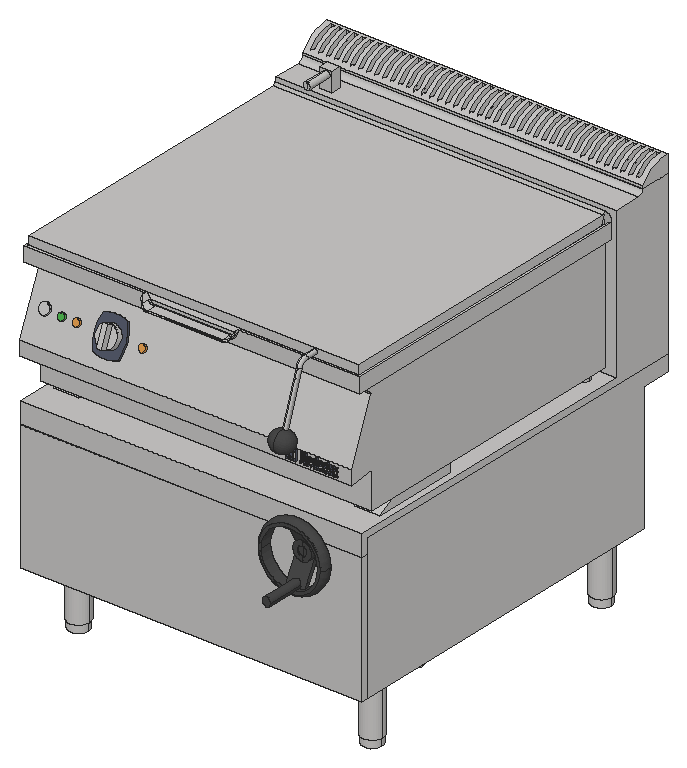
Revit family "QF_ELECTROLUXPROFESSIONAL_391281_E9BRGHDO40", category Specialty Equipment, Revit 2018
Family settings
  Round Connector Dimension = Use Diameter
  Part Type = Normal
  Work Plane-Based = No
  Always vertical = Yes
  Cut with Voids When Loaded = No
  Shared = No
  Room Calculation Point = No
Parameters (values of type "Standard")
  Weight = 150.00 kg
  Watts = 0 W
  Volts = 220 V
  URL Manufacturer = "https://www.electroluxprofessional.com/"
  URL = "https://www.electroluxprofessional.com/"
  Steam Supply Size = 0"
  Steam Supply Minimum Pressure = 0.00 psi
  Steam Supply Maximum Pressure = 0.00 psi
  Steam Pounds per Hour = 0
  Show Logo [instance] = yes
  Show Clearance [instance] = yes
  Refrigeration Suction Line Size = 0 mm
  Refrigeration Liquid Line Size = 0 mm
  Refrigerant Compressor Remote = yes
  Phase = 1
  Model = "E9BRGHDO40"
  Manufacturer = "Electrolux Professional"
  Length Actual = 800 mm  # constant formula
  Item Number = "391281"
  Hot Water Size = 0"
  Height Actual = 850 mm  # constant formula
  HP = "0.1 HP"
  Gas Size = 1/2"
  Gas KW = 21
  Gas Input Pressure = 0.672036 Btu/h
  Direct Waste Size = 0"
  Description = "80LT GAS BRATT PAN DUOMAT BOTTOM-60HZ"
  Depth Actual = 930 mm  # constant formula
  Cycle = 60 Hz
  Condensate Return Size = 0"
  Compressed Air Volume = 0 GPM
  Compressed Air Size = 0"
  Compressed Air Pressure = 0.00 psi
  Cold Water Size = 3/4"
  Assembly Code = ""
  Accessory = yes
Reference planes
  plane 1 "BACK": y = 0
  plane 2: z = 0
  plane 3 "LEFT": x = 0
  plane 4 "RIGHT": x = 800
  plane 5 "FRONT": y = -915
  plane 6 "TOP": z = 908
  plane 7 "Center Y": x = 400
  plane 8 "Center X": y = -457.5
  plane 9 "Base": z = 149
  plane 10: z = 502.193
  plane 11: z = 1653
  plane 12: y = -125
  plane 13: y = -799
  plane 14: y = -1034
  plane 15: x = 55
  plane 16: y = -160.853
  plane 17: x = 745
  plane 18: y = -1014
  plane 19: y = -899.182
  plane 20: x = 786
  plane 21: z = 850
  plane 22 "Connection": z = 182
  plane 23: y = -706
  plane 24: x = 265
  plane 25: x = 105
  plane 26: x = 195
  plane 27 "Fume": z = 866.248
Forms (mm)
  Revolve 1, solid, material "QF_Finishes_Stainless Steel"
    sketch origin (0, -125, 0) x (1, 0, 0) y (0, 0, 1)
      loop
        line (55, 0) -> (55, 149) -> (29.6, 149) -> (29.6, 19.05) -> (32.1, 19.05) -> (32.1, 0) -> (55, 0)
      axis (55, 0) -> (55, 149)
    angle from 0 to 360
  Revolve 2, solid, material "QF_Finishes_Stainless Steel"
    sketch origin (0, -799, 0) x (1, 0, 0) y (0, 0, 1)
      loop
        line (55, 0) -> (55, 149) -> (29.6, 149) -> (29.6, 19.05) -> (32.1, 19.05) -> (32.1, 0) -> (55, 0)
      axis (55, 0) -> (55, 149)
    angle from 0 to 360
  Extrusion 3, solid, material "QF_Finishes_Stainless Steel"
    sketch origin (0, -214.682, 0) x (0, 1, 0) y (0, 0, 1)
      loop
        line (214.682, 487.193) -> (214.682, 866.248) -> (143.055, 866.248)
        arc (143.055, 866.248) -> (139.432, 857.502) -> (130.686, 853.88) r 12.368
        line (130.686, 853.88) -> (64.682, 853.88) -> (64.682, 502.193) -> (-684.5, 502.193) -> (-684.5, 452.193) -> (-669.5, 452.193) -> (-669.5, 487.193) -> (214.682, 487.193)
      loop
        line (-669.5, 149) -> (-669.5, 451.193) -> (-684.5, 451.193) -> (-684.5, 149) -> (-669.5, 149)
    from 0 to 800
  Extrusion 4, solid, material "QF_Finishes_Stainless Steel"
    sketch origin (0, -214.682, 0) x (0, 1, 0) y (0, 0, 1)
      loop
        line (44.029, 528.406) -> (44.029, 817.127) -> (-678.5, 817.127) -> (-678.5, 809.681) -> (-643.264, 774.446) -> (-700.318, 641.094) -> (-700.318, 606.094) -> (-640.765, 613.406) -> (-640.765, 528.406) -> (44.029, 528.406)
    from 10 to 790
  Sweep 5, solid, material "QF_Finishes_Stainless Steel"
    path origin (0, -204.882, 145) x (-1, 0, 0) y (0, -1, 0)
      loop
        line (-290, 694.3) -> (-5, 694.3) -> (-5, -44.029) -> (-795, -44.029) -> (-795, 694.3) -> (-510, 694.3)
    profile origin (652.5, -899.182, 145) x (0, -1, 0) y (0, 0, 1)
      loop
        line (-5, 651.359) -> (0, 651.359) -> (0, 685.301) -> (-6, 685.301) -> (-6, 681.062) -> (-5, 681.062) -> (-5, 651.359)
  Extrusion 6, solid, material "QF_Finishes_Stainless Steel"
    sketch origin (0, -214.682, -5) x (0, 1, 0) y (0, 0, 1)
      loop
        line (33.715, 835.301) -> (42.572, 855) -> (-677.138, 855) -> (-677.138, 835.301) -> (33.715, 835.301)
      loop
        arc (64.305, 837.022) -> (57.071, 850.749) -> (45.92, 861.539) r 49.182
        line (45.92, 861.539) -> (39.069, 846.301) -> (45.904, 846.301) -> (45.904, 832.604) -> (64.305, 814.204) -> (64.305, 837.022)
    from 12.363 to 787.637
  Extrusion 7, solid, material "QF_Finishes_Stainless Steel"
    sketch origin (0, -214.682, 0) x (0, 1, 0) y (0, 0, 1)
      loop
        line (-403.818, 528.406) -> (-556.057, 528.406) -> (-609.801, 502.193) -> (-403.818, 502.193) -> (-403.818, 528.406)
    from 16.63 to 76.513
  Extrusion 8, solid, material "QF_Finishes_Stainless Steel"
    sketch origin (0, -207.182, 150) x (-1, 0, 0) y (0, -1, 0)
      loop
        circle (-46.571, -17.496) r 15
      loop
        circle (-753.429, -17.496) r 15
    from 352.193 to 383.406
  Extrusion 9, solid, material "QF_Finishes_Stainless Steel"
    sketch origin (0, -64.682, 0) x (0, 1, 0) y (0, 0, 1)
      loop
        line (-43.387, 853.88) -> (-43.387, 898) -> (-67.444, 898) -> (-67.444, 853.88) -> (-43.387, 853.88)
    from 87.469 to 116.843
  Revolve 10, solid, material "QF_Finishes_Stainless Steel"
    sketch origin (103.25, -64.682, -10) x (0, 1, 0) y (0, 0, 1)
      loop
        line (-67.444, 898.097) -> (-67.444, 906.222) -> (-123.629, 906.222) -> (-123.629, 898.097) -> (-67.444, 898.097)
      axis (-123.629, 898.097) -> (-67.444, 898.097)
    angle from 0 to 360
  Extrusion 11, solid, material "QF_Clearances", visible <- "Show Clearance", detail levels coarse
    sketch origin (0, -214.682, 0) x (1, 0, 0) y (0, 1, 0)
      loop
        line (800, 214.682) -> (800, -700.318) -> (850, -700.318) -> (850, 264.682) -> (-50, 264.682) -> (-50, -700.318) -> (0, -700.318) -> (0, 214.682) -> (800, 214.682)
    from 0 to 908
  Extrusion 12, solid, material "QF_Finishes_Stainless Steel"
    sketch origin (800, 0, 0) x (0, 1, 0) y (0, 0, 1)
      loop
        line (-884.182, 149) -> (-69, 149) -> (-69, 448) -> (0, 448) -> (0, 487.193) -> (-884.182, 487.193) -> (-884.182, 149)
    from 0 to -800
  Revolve 13, solid, material "QF_Finishes_Stainless Steel"
    sketch origin (1000, -125, 0) x (-1, 0, 0) y (0, 0, -1)
      loop
        line (255, 0) -> (232.1, 0) -> (232.1, -19.05) -> (229.6, -19.05) -> (229.6, -149) -> (255, -149) -> (255, 0)
      axis (255, 0) -> (255, -149)
    angle from 0 to 360
  Revolve 14, solid, material "QF_Finishes_Stainless Steel"
    sketch origin (1000, -799, 0) x (-1, 0, 0) y (0, 0, -1)
      loop
        line (255, 0) -> (232.1, 0) -> (232.1, -19.05) -> (229.6, -19.05) -> (229.6, -149) -> (255, -149) -> (255, 0)
      axis (255, 0) -> (255, -149)
    angle from 0 to 360
  Sweep 15, solid, material "QF_Finishes_Stainless Steel"
    path origin (8.84, -214.682, -10) x (0, 1, 0) y (0, 0, 1)
      loop
        line (-677.138, 852.831) -> (-705.492, 852.831)
        arc (-705.492, 852.831) -> (-716.963, 849.214) -> (-724.286, 839.672) r 20
        line (-724.286, 839.672) -> (-765.322, 726.924)
    profile origin (8.84, -905.997, 842.831) x (0, 0, -1) y (1, 0, 0)
      loop
        circle (0, 676.16) r 5
  Revolve 16, solid, material "QF_Finishes_Black"
    sketch origin (685, -194.682, 0) x (0, 1, 0) y (0, 0, 1)
      loop
        line (-785.322, 716.924) -> (-792.738, 719.623)
        arc (-792.738, 719.623) -> (-818.978, 701.075) -> (-800.713, 674.638) r 22.845
        line (-800.713, 674.638) -> (-785.322, 716.924)
      axis (-785.322, 716.924) -> (-800.713, 674.638)
    angle from 0 to 360
  Extrusion 17, solid, material "QF_Finishes_Stainless Steel"
    sketch origin (800, -69, 149) x (-1, 0, 0) y (0, 1, 0)
      loop
        circle (14, -649.182) r 12.7
    from 0 to 5
  Extrusion 18, solid, material "QF_Finishes_Stainless Steel"
    sketch origin (-3.75, -899.182, 149) x (0, 0, 1) y (-1, 0, 0)
      loop
        circle (289.443, -688.75) r 30
    from 0 to 5
  Extrusion 19, solid, material "QF_Finishes_Stainless Steel"
    sketch origin (800, -214.682, 0) x (0, 1, 0) y (0, 0, -1)
      loop
        line (-403.818, -528.406) -> (-403.818, -502.193) -> (-609.801, -502.193) -> (-556.057, -528.406) -> (-403.818, -528.406)
    from 16.63 to 76.513
  Extrusion 20, solid, material "QF_Finishes_Stainless Steel"
    sketch origin (0, 0, 182) x (-1, 0, 0) y (0, -1, 0)
      loop
        circle (-105, 706) r 6.35
    from 0 to 45
  Extrusion 21, solid, material "QF_Finishes_Stainless Steel"
    sketch origin (21.213, 21.213, 182) x (-1, 0, 0) y (0, -1, 0)
      loop
        circle (-173.787, 719.213) r 6.35
    from 0 to 45
  Extrusion 22, solid, material "QF_Finishes_Stainless Steel"
    sketch origin (130, 0, 182) x (-1, 0, 0) y (0, -1, 0)
      loop
        circle (-135, 706) r 6.35
    from 0 to 45
  Revolve 23, solid, material "QF_Finishes_Black"
    sketch origin (685, -200.682, -28.57) x (0, 1, 0) y (0, 0, 1)
      loop
        line (-698.5, 467.193) -> (-698.5, 477.193) -> (-713.5, 477.193) -> (-713.5, 482.193) -> (-718.5, 482.193) -> (-718.5, 489.514) -> (-728.5, 489.514) -> (-728.5, 478.353) -> (-727.138, 478.353) -> (-727.138, 467.193) -> (-698.5, 467.193)
      axis (-698.5, 467.193) -> (-728.5, 467.193)
    angle from 0 to 360
  Sweep 24, solid, material "QF_Finishes_Black"
    path origin (10, -200.682, -28.57) x (1, 0, 0) y (0, 0, 1)
      loop
        circle (675, 467.193) r 80
    profile origin (685, -200.682, 518.623) x (0, 0, -1) y (0, -1, 0)
      loop
        arc (7.394, 765.784) -> (0.586, 756.102) -> (1.641, 744.313) r 17.21
        line (1.641, 744.313) -> (7.394, 740.784) -> (14.116, 740.784) -> (14.116, 765.784) -> (7.394, 765.784)
  Extrusion 25, solid, material "QF_Finishes_Black"
    sketch origin (10, -200.682, -28.57) x (0, 1, 0) y (0, 0, 1)
      loop
        line (-713.5, 457.193) -> (-713.5, 477.193) -> (-744.313, 533.065) -> (-751.622, 533.065) -> (-719.104, 474.103) -> (-719.104, 460.284) -> (-751.622, 401.321) -> (-744.313, 401.321) -> (-713.5, 457.193)
    from 654.029 to 698.392
  Extrusion 26, solid, material "QF_Finishes_Black"
    sketch origin (10, -200.682, -28.57) x (1, 0, 0) y (0, 0, 1)
      loop
        circle (675, 406.31) r 10
    from 742.86 to 833.318
  Extrusion 27, solid, material "QF_Finishes_Stainless Steel"
    sketch origin (0, -201.682, -15.905) x (1, 0, 0) y (0, 0, 1)
      loop
        line (509.996, 839.805) -> (509.996, 846.205) -> (502.677, 833.527)
        arc (502.677, 833.527) -> (496.674, 827.524) -> (488.474, 825.327) r 16.4
        line (488.474, 825.327) -> (311.526, 825.327)
        arc (311.526, 825.327) -> (303.32, 827.526) -> (297.312, 833.534) r 16.413
        line (297.312, 833.534) -> (289.996, 846.205) -> (289.996, 839.805) -> (294.541, 831.934)
        arc (294.541, 831.934) -> (301.72, 824.755) -> (311.526, 822.127) r 19.613
        line (311.526, 822.127) -> (488.474, 822.127)
        arc (488.474, 822.127) -> (498.274, 824.753) -> (505.448, 831.927) r 19.6
        line (505.448, 831.927) -> (509.996, 839.805)
    from 697.5 to 717.595
  Extrusion 28, void
    sketch origin (900, 188.397, 1219.2) x (0, -1, 0) y (0, 0, 1)
      loop
        line (1110.167, -415.736) -> (1110.167, -387.945) -> (1093.05, -387.945) -> (1110.167, -415.736)
    from 390 to 610
  Extrusion 29, solid, material "QF_Finishes_Navy Blue"
    sketch origin (-55.546, -1052.067, 320.727) x (0, 0.393353, 0.919387) y (-1, 0, 0)
      loop
        arc (453.989, -230.321) -> (416.907, -221.34) -> (379.375, -228.202) r 91.844
        arc (379.375, -228.202) -> (372.249, -258.844) -> (379.375, -289.487) r 69.441
        arc (379.375, -289.487) -> (416.897, -296.198) -> (453.989, -287.419) r 93.759
        arc (453.989, -287.419) -> (460.218, -258.87) -> (453.989, -230.321) r 68.543
    from 0 to 3.175
  Extrusion 30, solid, material "QF_Finishes_Orange"
    sketch origin (9.372, -901.482, 672.689) x (0, 0.393353, 0.919387) y (-1, 0, 0)
      loop
        circle (34.513, -113.251) r 8
    from 0 to 3.175
  Extrusion 31, solid, material "QF_Finishes_Green"
    sketch origin (14.068, -901.51, 672.624) x (0, 0.393353, 0.919387) y (-1, 0, 0)
      loop
        circle (34.513, -73.251) r 8
    from 0 to 3.175
  Extrusion 32, solid, material "QF_Finishes_Stainless Steel"
    sketch origin (-159.296, -918.156, 641.79) x (0, 0.393353, 0.919387) y (-1, 0, 0)
      loop
        circle (68.826, -362.213) r 25.4
    from 0 to 12.7
  Extrusion 33, solid, material "QF_Finishes_Stainless Steel"
    sketch origin (-159.296, -929.832, 646.786) x (0, 0.393353, 0.919387) y (-1, 0, 0)
      loop
        arc (93.558, -367.999) -> (94.226, -362.213) -> (93.558, -356.427) r 25.4
        line (93.558, -356.427) -> (44.094, -356.427)
        arc (44.094, -356.427) -> (43.426, -362.213) -> (44.094, -367.999) r 25.4
        line (44.094, -367.999) -> (93.558, -367.999)
    from 0 to 12.7
  Extrusion 34, solid, material "QF_Finishes_Stainless Steel"
    sketch origin (10.937, -915, 641.094) x (0, 0.393353, 0.919387) y (-1, 0, 0)
      loop
        circle (71.473, -36.635) r 12.7
    from 0 to 3.2
  Extrusion 35, solid, material "QF_Finishes_Orange"
    sketch origin (164.372, -901.482, 672.689) x (0, 0.393353, 0.919387) y (-1, 0, 0)
      loop
        circle (34.513, -113.251) r 8
    from 0 to 3.175
  Extrusion 36, solid, material "QF_Clearances", visible <- "Show Clearance", detail levels coarse
    sketch origin (0, -996.643, 709.193) x (0, 0.238373, -0.971174) y (0, 0.971174, 0.238373)
      loop
        line (33.715, 835.301) -> (42.572, 855) -> (-677.138, 855) -> (-677.138, 835.301) -> (33.715, 835.301)
      loop
        arc (64.305, 837.022) -> (57.071, 850.749) -> (45.92, 861.539) r 49.182
        line (45.92, 861.539) -> (39.069, 846.301) -> (45.904, 846.301) -> (45.904, 832.604) -> (64.305, 814.204) -> (64.305, 837.022)
    from 12.363 to 787.637
  Sweep 37, solid, material "QF_Clearances", visible <- "Show Clearance", detail levels coarse
    path origin (8.84, -1001.499, 708.002) x (0, 0.238373, -0.971174) y (0, 0.971174, 0.238373)
      loop
        line (-677.138, 852.831) -> (-705.492, 852.831)
        arc (-705.492, 852.831) -> (-716.963, 849.214) -> (-724.286, 839.672) r 20
        line (-724.286, 839.672) -> (-765.322, 726.924)
    profile origin (8.84, -338.043, 1582.68) x (0, -0.971174, -0.238373) y (1, 0, 0)
      loop
        circle (0, 676.16) r 5
  Revolve 38, solid, material "QF_Clearances", visible <- "Show Clearance", detail levels coarse
    sketch origin (685, -987.02, 690.962) x (0, 0.238373, -0.971174) y (0, 0.971174, 0.238373)
      loop
        line (-785.322, 716.924) -> (-792.738, 719.623)
        arc (-792.738, 719.623) -> (-818.978, 701.075) -> (-800.713, 674.638) r 22.845
        line (-800.713, 674.638) -> (-785.322, 716.924)
      axis (-785.322, 716.924) -> (-800.713, 674.638)
    angle from 0 to 360
  Extrusion 39, solid, material "QF_Finishes_Navy Blue", visible <- "Show Logo"
    sketch origin (486.175, -915, 608.853) x (0, 0, 1) y (-1, 0, 0)
      loop
        line (26.951, -165.54) -> (5.387, -165.54)
        arc (5.387, -165.54) -> (16.169, -173.512) -> (26.951, -165.54) r 11.278
      loop
        arc (26.951, -164.444) -> (24.913, -155.475) -> (16.794, -151.154) r 11.052
        line (16.794, -151.154) -> (16.794, -154.722)
        arc (16.794, -154.722) -> (19.381, -161.095) -> (25.39, -164.444) r 10.359
        line (25.39, -164.444) -> (26.951, -164.444)
      loop
        arc (6.948, -164.444) -> (12.957, -161.095) -> (15.544, -154.722) r 10.359
        line (15.544, -154.722) -> (15.544, -151.154)
        arc (15.544, -151.154) -> (7.358, -155.468) -> (5.11, -164.444) r 11.341
        line (5.11, -164.444) -> (6.948, -164.444)
      loop
        line (28.128, -150.336) -> (4.161, -150.336) -> (4.161, -174.336) -> (28.128, -174.336) -> (28.128, -150.336)
      loop
        spline (16.361, -188.464) -> (16.369, -188.263) -> (16.397, -188.049) -> (16.447, -187.828) -> (16.523, -187.605) -> (16.628, -187.386) -> (16.766, -187.177) -> (16.939, -186.985) -> (17.152, -186.814) -> (17.407, -186.671) -> (17.709, -186.562) -> (18.059, -186.492) -> (18.462, -186.467)
        line (18.462, -186.467) -> (20.251, -186.467) -> (20.251, -192.37) -> (22.531, -192.37) -> (22.531, -186.466) -> (25.85, -186.466) -> (25.85, -192.746) -> (28.124, -192.746) -> (28.124, -184.05) -> (18.566, -184.05)
        spline (18.566, -184.05) -> (17.978, -184.071) -> (17.424, -184.137) -> (16.905, -184.248) -> (16.424, -184.406) -> (15.983, -184.612) -> (15.583, -184.866) -> (15.226, -185.171) -> (14.914, -185.528) -> (14.649, -185.937) -> (14.434, -186.401) -> (14.269, -186.919) -> (14.157, -187.495)
        line (14.157, -187.495) -> (14.089, -188.444) -> (14.089, -192.915) -> (16.361, -192.915) -> (16.361, -188.464)
      loop
        line (21.492, -194.632) -> (14.086, -194.632) -> (14.086, -197.049) -> (28.128, -197.049) -> (28.128, -194.632) -> (21.492, -194.632)
      loop
        spline (18.571, -208.979) -> (19.331, -208.995) -> (20.067, -208.922) -> (20.77, -208.763) -> (21.436, -208.522) -> (22.055, -208.2) -> (22.623, -207.802) -> (23.132, -207.331) -> (23.576, -206.789) -> (23.947, -206.18) -> (24.24, -205.507) -> (24.447, -204.772) -> (24.561, -203.98)
        spline (24.561, -203.98) -> (24.517, -203.228) -> (24.388, -202.513) -> (24.178, -201.84) -> (23.889, -201.216) -> (23.524, -200.646) -> (23.088, -200.134) -> (22.582, -199.687) -> (22.011, -199.309) -> (21.378, -199.005) -> (20.686, -198.782) -> (19.937, -198.644) -> (19.137, -198.597)
        spline (19.137, -198.597) -> (18.356, -198.643) -> (17.626, -198.777) -> (16.949, -198.995) -> (16.331, -199.293) -> (15.772, -199.666) -> (15.278, -200.111) -> (14.851, -200.623) -> (14.494, -201.198) -> (14.211, -201.832) -> (14.005, -202.519) -> (13.878, -203.257) -> (13.836, -204.041)
        spline (13.836, -204.041) -> (13.845, -204.424) -> (13.874, -204.802) -> (13.924, -205.175) -> (13.997, -205.545) -> (14.096, -205.909) -> (14.223, -206.27) -> (14.378, -206.625) -> (14.564, -206.976) -> (14.783, -207.322) -> (15.037, -207.664) -> (15.328, -208) -> (15.657, -208.331)
        line (15.657, -208.331) -> (17.073, -206.874)
        spline (17.073, -206.874) -> (16.889, -206.682) -> (16.719, -206.489) -> (16.566, -206.293) -> (16.427, -206.093) -> (16.305, -205.887) -> (16.198, -205.673) -> (16.108, -205.449) -> (16.033, -205.213) -> (15.975, -204.965) -> (15.933, -204.701) -> (15.908, -204.421) -> (15.9, -204.122)
        spline (15.9, -204.122) -> (15.921, -203.685) -> (15.985, -203.275) -> (16.089, -202.893) -> (16.233, -202.542) -> (16.413, -202.224) -> (16.628, -201.939) -> (16.878, -201.691) -> (17.159, -201.479) -> (17.471, -201.308) -> (17.811, -201.177) -> (18.178, -201.089) -> (18.571, -201.046)
        line (18.571, -201.046) -> (18.571, -208.979)
      loop
        spline (20.271, -206.55) -> (20.57, -206.527) -> (20.857, -206.458) -> (21.131, -206.348) -> (21.387, -206.199) -> (21.624, -206.014) -> (21.839, -205.797) -> (22.028, -205.55) -> (22.189, -205.276) -> (22.32, -204.98) -> (22.416, -204.663) -> (22.476, -204.329) -> (22.497, -203.98)
        spline (22.497, -203.98) -> (22.476, -203.607) -> (22.417, -203.248) -> (22.322, -202.905) -> (22.194, -202.584) -> (22.034, -202.285) -> (21.847, -202.013) -> (21.633, -201.77) -> (21.396, -201.56) -> (21.139, -201.385) -> (20.864, -201.25) -> (20.574, -201.156) -> (20.271, -201.107)
        line (20.271, -201.107) -> (20.271, -206.55)
      loop
        spline (19.198, -212.675) -> (19.648, -212.703) -> (20.074, -212.784) -> (20.475, -212.915) -> (20.846, -213.093) -> (21.184, -213.314) -> (21.487, -213.576) -> (21.752, -213.875) -> (21.976, -214.207) -> (22.155, -214.571) -> (22.286, -214.961) -> (22.368, -215.376) -> (22.395, -215.812)
        spline (22.395, -215.812) -> (22.387, -216.079) -> (22.362, -216.336) -> (22.321, -216.581) -> (22.264, -216.816) -> (22.192, -217.042) -> (22.105, -217.259) -> (22.002, -217.467) -> (21.886, -217.668) -> (21.755, -217.861) -> (21.611, -218.047) -> (21.453, -218.228) -> (21.283, -218.402)
        line (21.283, -218.402) -> (22.841, -219.9)
        spline (22.841, -219.9) -> (23.139, -219.602) -> (23.407, -219.295) -> (23.645, -218.979) -> (23.855, -218.656) -> (24.037, -218.324) -> (24.192, -217.985) -> (24.32, -217.639) -> (24.424, -217.286) -> (24.503, -216.926) -> (24.558, -216.56) -> (24.591, -216.189) -> (24.601, -215.812)
        spline (24.601, -215.812) -> (24.555, -215.057) -> (24.418, -214.333) -> (24.195, -213.648) -> (23.893, -213.008) -> (23.516, -212.418) -> (23.068, -211.886) -> (22.556, -211.419) -> (21.984, -211.021) -> (21.357, -210.701) -> (20.681, -210.465) -> (19.959, -210.318) -> (19.198, -210.268)
        spline (19.198, -210.268) -> (18.437, -210.318) -> (17.716, -210.465) -> (17.039, -210.701) -> (16.412, -211.021) -> (15.84, -211.419) -> (15.328, -211.886) -> (14.881, -212.418) -> (14.503, -213.008) -> (14.201, -213.648) -> (13.979, -214.333) -> (13.842, -215.057) -> (13.795, -215.812)
        spline (13.795, -215.812) -> (13.806, -216.189) -> (13.838, -216.56) -> (13.894, -216.926) -> (13.973, -217.286) -> (14.076, -217.639) -> (14.205, -217.985) -> (14.36, -218.324) -> (14.542, -218.656) -> (14.751, -218.979) -> (14.99, -219.295) -> (15.257, -219.602) -> (15.556, -219.9)
        line (15.556, -219.9) -> (17.114, -218.402)
        spline (17.114, -218.402) -> (16.943, -218.228) -> (16.786, -218.047) -> (16.641, -217.861) -> (16.511, -217.668) -> (16.394, -217.467) -> (16.292, -217.259) -> (16.204, -217.042) -> (16.132, -216.816) -> (16.075, -216.581) -> (16.034, -216.336) -> (16.009, -216.079) -> (16.001, -215.812)
        spline (16.001, -215.812) -> (16.029, -215.376) -> (16.11, -214.961) -> (16.242, -214.571) -> (16.421, -214.207) -> (16.644, -213.875) -> (16.909, -213.576) -> (17.212, -213.314) -> (17.551, -213.093) -> (17.922, -212.915) -> (18.322, -212.784) -> (18.748, -212.703) -> (19.198, -212.675)
      loop
        spline (16.358, -226.063) -> (16.354, -225.85) -> (16.37, -225.622) -> (16.41, -225.384) -> (16.477, -225.143) -> (16.575, -224.905) -> (16.708, -224.675) -> (16.88, -224.461) -> (17.095, -224.267) -> (17.357, -224.1) -> (17.669, -223.965) -> (18.036, -223.87) -> (18.462, -223.819)
        line (18.462, -223.819) -> (22.044, -223.819) -> (22.044, -226.018) -> (24.24, -226.018) -> (24.24, -223.822) -> (28.128, -223.822) -> (28.128, -221.405) -> (18.325, -221.405)
        spline (18.325, -221.405) -> (17.756, -221.457) -> (17.221, -221.55) -> (16.722, -221.687) -> (16.26, -221.867) -> (15.838, -222.093) -> (15.456, -222.365) -> (15.118, -222.685) -> (14.824, -223.053) -> (14.577, -223.471) -> (14.378, -223.94) -> (14.229, -224.46) -> (14.132, -225.034)
        line (14.132, -225.034) -> (14.086, -226.054) -> (16.358, -226.063)
      loop
        spline (24.381, -234.197) -> (24.407, -233.778) -> (24.399, -233.376) -> (24.36, -232.99) -> (24.289, -232.622) -> (24.188, -232.273) -> (24.058, -231.943) -> (23.901, -231.635) -> (23.716, -231.349) -> (23.505, -231.087) -> (23.27, -230.849) -> (23.011, -230.636) -> (22.73, -230.45)
        line (22.73, -230.45) -> (24.24, -230.45) -> (24.24, -228.052) -> (14.086, -228.052) -> (14.086, -230.45) -> (19.425, -230.45)
        spline (19.425, -230.45) -> (19.83, -230.472) -> (20.207, -230.537) -> (20.555, -230.643) -> (20.873, -230.788) -> (21.159, -230.972) -> (21.412, -231.192) -> (21.63, -231.448) -> (21.811, -231.736) -> (21.955, -232.056) -> (22.059, -232.406) -> (22.123, -232.784) -> (22.145, -233.189)
        line (22.145, -233.189) -> (22.044, -234.197) -> (24.381, -234.197)
      loop
        spline (19.163, -245.648) -> (19.908, -245.597) -> (20.618, -245.45) -> (21.287, -245.212) -> (21.909, -244.892) -> (22.48, -244.494) -> (22.993, -244.026) -> (23.443, -243.494) -> (23.823, -242.904) -> (24.129, -242.265) -> (24.354, -241.581) -> (24.494, -240.86) -> (24.542, -240.108)
        spline (24.542, -240.108) -> (24.494, -239.351) -> (24.354, -238.627) -> (24.129, -237.941) -> (23.823, -237.301) -> (23.443, -236.712) -> (22.993, -236.181) -> (22.48, -235.714) -> (21.909, -235.318) -> (21.287, -234.999) -> (20.618, -234.763) -> (19.908, -234.617) -> (19.163, -234.567)
        spline (19.163, -234.567) -> (18.418, -234.617) -> (17.708, -234.763) -> (17.039, -234.999) -> (16.417, -235.318) -> (15.846, -235.714) -> (15.333, -236.181) -> (14.883, -236.712) -> (14.502, -237.301) -> (14.197, -237.941) -> (13.971, -238.627) -> (13.831, -239.351) -> (13.784, -240.108)
        spline (13.784, -240.108) -> (13.831, -240.86) -> (13.971, -241.581) -> (14.197, -242.265) -> (14.502, -242.904) -> (14.883, -243.494) -> (15.333, -244.026) -> (15.846, -244.494) -> (16.417, -244.892) -> (17.039, -245.212) -> (17.708, -245.45) -> (18.418, -245.597) -> (19.163, -245.648)
      loop
        spline (19.163, -243.25) -> (19.602, -243.222) -> (20.021, -243.14) -> (20.417, -243.008) -> (20.785, -242.829) -> (21.123, -242.606) -> (21.427, -242.344) -> (21.693, -242.044) -> (21.919, -241.71) -> (22.101, -241.347) -> (22.235, -240.956) -> (22.318, -240.542) -> (22.346, -240.108)
        spline (22.346, -240.108) -> (22.318, -239.669) -> (22.235, -239.252) -> (22.101, -238.86) -> (21.919, -238.496) -> (21.693, -238.163) -> (21.427, -237.864) -> (21.123, -237.602) -> (20.785, -237.381) -> (20.417, -237.204) -> (20.021, -237.073) -> (19.602, -236.993) -> (19.163, -236.965)
        spline (19.163, -236.965) -> (18.723, -236.993) -> (18.304, -237.073) -> (17.909, -237.204) -> (17.541, -237.381) -> (17.203, -237.602) -> (16.899, -237.864) -> (16.632, -238.163) -> (16.406, -238.496) -> (16.225, -238.86) -> (16.091, -239.252) -> (16.008, -239.669) -> (15.979, -240.108)
        spline (15.979, -240.108) -> (16.008, -240.542) -> (16.091, -240.956) -> (16.225, -241.347) -> (16.406, -241.71) -> (16.632, -242.044) -> (16.899, -242.344) -> (17.203, -242.606) -> (17.541, -242.829) -> (17.909, -243.008) -> (18.304, -243.14) -> (18.723, -243.222) -> (19.163, -243.25)
      loop
        line (21.735, -247.134) -> (14.086, -247.134) -> (14.086, -249.553) -> (28.128, -249.553) -> (28.128, -247.134) -> (21.735, -247.134)
      loop
        line (24.24, -258.272) -> (18.337, -258.272)
        spline (18.337, -258.272) -> (17.953, -258.252) -> (17.607, -258.196) -> (17.298, -258.104) -> (17.025, -257.979) -> (16.788, -257.824) -> (16.584, -257.639) -> (16.415, -257.429) -> (16.277, -257.194) -> (16.172, -256.937) -> (16.098, -256.66) -> (16.054, -256.365) -> (16.04, -256.055)
        spline (16.04, -256.055) -> (16.054, -255.745) -> (16.098, -255.45) -> (16.172, -255.173) -> (16.277, -254.916) -> (16.413, -254.682) -> (16.582, -254.471) -> (16.784, -254.287) -> (17.019, -254.132) -> (17.29, -254.007) -> (17.595, -253.915) -> (17.937, -253.859) -> (18.316, -253.839)
        line (18.316, -253.839) -> (24.24, -253.839) -> (24.24, -251.401) -> (18.115, -251.401)
        spline (18.115, -251.401) -> (17.421, -251.445) -> (16.79, -251.57) -> (16.22, -251.771) -> (15.713, -252.043) -> (15.267, -252.379) -> (14.881, -252.774) -> (14.556, -253.221) -> (14.292, -253.715) -> (14.086, -254.249) -> (13.94, -254.818) -> (13.853, -255.415) -> (13.824, -256.035)
        spline (13.824, -256.035) -> (13.853, -256.661) -> (13.942, -257.263) -> (14.09, -257.836) -> (14.298, -258.375) -> (14.567, -258.873) -> (14.896, -259.324) -> (15.287, -259.722) -> (15.74, -260.061) -> (16.254, -260.335) -> (16.832, -260.538) -> (17.472, -260.665) -> (18.176, -260.708)
        line (18.176, -260.708) -> (24.24, -260.708) -> (24.24, -258.272)
      loop
        line (17.333, -269.856) -> (19.465, -268.331) -> (22.037, -270.219) -> (24.239, -271.836) -> (24.239, -269.197) -> (21.197, -267) -> (24.239, -264.785) -> (24.239, -262.166) -> (22.185, -263.668) -> (19.445, -265.671) -> (16.52, -263.571) -> (14.086, -261.823) -> (14.086, -264.422) -> (17.672, -267) -> (14.086, -269.579) -> (14.086, -272.178) -> (17.333, -269.856)
      loop
        line (9.015, -185.409) -> (9.015, -183.539) -> (4.161, -183.539) -> (4.161, -184.537) -> (5.806, -184.537) -> (5.806, -185.409)
        arc (5.806, -185.409) -> (7.41, -187.014) -> (9.015, -185.409) r 1.605
      loop
        arc (6.731, -185.476) -> (7.41, -186.056) -> (8.089, -185.476) r 0.687
        line (8.089, -185.476) -> (8.089, -184.537) -> (6.731, -184.537) -> (6.731, -185.476)
      loop
        line (9.015, -193.025) -> (9.015, -191.122) -> (4.161, -191.122) -> (4.161, -192.12) -> (5.833, -192.12) -> (5.833, -192.986) -> (4.161, -193.838) -> (4.161, -194.971) -> (6.078, -193.806)
        arc (6.078, -193.806) -> (6.645, -194.415) -> (7.45, -194.627) r 1.499
        arc (7.45, -194.627) -> (8.559, -194.145) -> (9.015, -193.025) r 1.602
      loop
        line (8.097, -193.005) -> (8.097, -192.12) -> (6.743, -192.12) -> (6.743, -193.005)
        arc (6.743, -193.005) -> (7.42, -193.556) -> (8.097, -193.005) r 0.691
      loop
        circle (6.588, -201.168) r 2.521
      loop
        circle (6.588, -201.168) r 1.6
      loop
        line (9.015, -207.864) -> (4.161, -207.864) -> (4.161, -208.862) -> (6.156, -208.862) -> (6.156, -210.689) -> (7.073, -210.689) -> (7.073, -208.862) -> (8.098, -208.862) -> (8.098, -210.864) -> (9.015, -210.864) -> (9.015, -207.864)
      loop
        line (9.015, -214.982) -> (5.735, -214.982)
        arc (5.735, -214.982) -> (4.623, -215.429) -> (4.161, -216.535) r 1.554
        line (4.161, -216.535) -> (4.161, -218.103) -> (5.078, -218.103) -> (5.078, -216.944)
        arc (5.078, -216.944) -> (5.427, -216.196) -> (6.223, -215.98) r 0.979
        line (6.223, -215.98) -> (6.223, -217.921) -> (7.141, -217.921) -> (7.141, -215.98) -> (8.098, -215.98) -> (8.098, -218.056) -> (9.015, -218.056) -> (9.015, -214.982)
      loop
        line (7.742, -224.632) -> (8.234, -225.349)
        arc (8.234, -225.349) -> (8.882, -224.684) -> (9.095, -223.78) r 1.738
        arc (9.095, -223.78) -> (8.894, -222.994) -> (8.386, -222.36) r 1.926
        arc (8.386, -222.36) -> (7.749, -222.275) -> (7.12, -222.404) r 1.936
        arc (7.12, -222.404) -> (6.653, -222.836) -> (6.356, -223.4) r 1.881
        arc (6.356, -223.4) -> (6.185, -223.835) -> (5.972, -224.252) r 4.917
        arc (5.972, -224.252) -> (5.357, -224.498) -> (4.996, -223.943) r 0.523
        arc (4.996, -223.943) -> (5.232, -223.24) -> (5.739, -222.7) r 1.738
        line (5.739, -222.7) -> (5.26, -221.938)
        arc (5.26, -221.938) -> (4.761, -222.24) -> (4.38, -222.681) r 1.867
        arc (4.38, -222.681) -> (4.141, -223.241) -> (4.08, -223.846) r 2.013
        arc (4.08, -223.846) -> (4.229, -224.594) -> (4.587, -225.268) r 2.629
        arc (4.587, -225.268) -> (5.379, -225.566) -> (6.211, -225.413) r 1.579
        arc (6.211, -225.413) -> (6.594, -225.08) -> (6.872, -224.656) r 1.83
        arc (6.872, -224.656) -> (7.111, -224.119) -> (7.318, -223.568) r 9.64
        arc (7.318, -223.568) -> (7.812, -223.25) -> (8.179, -223.71) r 0.439
        arc (8.179, -223.71) -> (8.066, -224.221) -> (7.742, -224.632) r 1.168
      loop
        line (9.015, -237.028) -> (4.161, -237.028) -> (4.161, -238.027) -> (9.015, -238.027) -> (9.015, -237.028)
      loop
        circle (6.588, -244.756) r 1.51
      loop
        circle (6.588, -244.756) r 2.521
      loop
        line (4.161, -251.452) -> (4.161, -252.461) -> (7.213, -252.461) -> (4.161, -254.682) -> (4.161, -255.652) -> (9.015, -255.652) -> (9.015, -254.644) -> (5.87, -254.644) -> (9.015, -252.423) -> (9.015, -251.452) -> (4.161, -251.452)
      loop
        line (4.161, -260.684) -> (5.208, -261.157) -> (5.208, -262.953) -> (4.161, -263.425) -> (4.161, -264.498) -> (9.015, -262.025) -> (4.161, -259.613) -> (4.161, -260.684)
      loop
        line (7.2, -262.055) -> (6.204, -261.605) -> (6.204, -262.505) -> (7.2, -262.055)
      loop
        line (5.078, -269.456) -> (9.015, -269.456) -> (9.015, -268.457) -> (4.161, -268.457) -> (4.161, -271.322) -> (5.078, -271.322) -> (5.078, -269.456)
      loop
        line (7.742, -231.965) -> (8.234, -232.682)
        arc (8.234, -232.682) -> (8.882, -232.017) -> (9.095, -231.114) r 1.738
        arc (9.095, -231.114) -> (8.894, -230.327) -> (8.386, -229.693) r 1.926
        arc (8.386, -229.693) -> (7.749, -229.609) -> (7.12, -229.737) r 1.936
        arc (7.12, -229.737) -> (6.653, -230.169) -> (6.356, -230.733) r 1.881
        arc (6.356, -230.733) -> (6.185, -231.168) -> (5.972, -231.586) r 4.917
        arc (5.972, -231.586) -> (5.357, -231.831) -> (4.996, -231.276) r 0.523
        arc (4.996, -231.276) -> (5.232, -230.573) -> (5.739, -230.033) r 1.738
        line (5.739, -230.033) -> (5.26, -229.271)
        arc (5.26, -229.271) -> (4.761, -229.573) -> (4.38, -230.015) r 1.867
        arc (4.38, -230.015) -> (4.141, -230.574) -> (4.08, -231.179) r 2.013
        arc (4.08, -231.179) -> (4.229, -231.928) -> (4.587, -232.602) r 2.629
        arc (4.587, -232.602) -> (5.379, -232.899) -> (6.211, -232.746) r 1.579
        arc (6.211, -232.746) -> (6.594, -232.414) -> (6.872, -231.989) r 1.83
        arc (6.872, -231.989) -> (7.111, -231.452) -> (7.318, -230.901) r 9.64
        arc (7.318, -230.901) -> (7.812, -230.583) -> (8.179, -231.043) r 0.439
        arc (8.179, -231.043) -> (8.066, -231.554) -> (7.742, -231.965) r 1.168
    from 0 to 1.644
  Extrusion 40, solid, material "QF_Finishes_Stainless Steel"
    sketch origin (290, -899.182, 830.301) x (-1, 0, 0) y (0, 0, -1)
      loop
        line (0.004, 33.941) -> (-220, 33.941) -> (-220, -0.006) -> (-212.677, 12.678)
        arc (-212.677, 12.678) -> (-206.674, 18.681) -> (-198.474, 20.878) r 16.4
        line (-198.474, 20.878) -> (-21.526, 20.878)
        arc (-21.526, 20.878) -> (-13.32, 18.679) -> (-7.312, 12.672) r 16.413
        line (-7.312, 12.672) -> (0.004, 0) -> (0.004, 33.941)
    from 0 to -6
  Extrusion 41, void
    sketch origin (26.231, -0.008, 866.248) x (-1, 0, 0) y (0, -1, 0)
      loop
        line (-295.005, 6.761) -> (-285.709, 6.761) -> (-285.709, 63.911) -> (-295.005, 63.911) -> (-295.005, 6.761)
      loop
        line (-313.697, 6.761) -> (-304.401, 6.761) -> (-304.401, 63.911) -> (-313.697, 63.911) -> (-313.697, 6.761)
      loop
        line (-332.39, 6.761) -> (-323.094, 6.761) -> (-323.094, 63.911) -> (-332.39, 63.911) -> (-332.39, 6.761)
      loop
        line (-351.082, 6.761) -> (-341.787, 6.761) -> (-341.787, 63.911) -> (-351.082, 63.911) -> (-351.082, 6.761)
      loop
        line (-369.775, 6.761) -> (-360.479, 6.761) -> (-360.479, 63.911) -> (-369.775, 63.911) -> (-369.775, 6.761)
      loop
        line (-388.468, 6.761) -> (-379.172, 6.761) -> (-379.172, 63.911) -> (-388.468, 63.911) -> (-388.468, 6.761)
      loop
        line (-407.16, 6.761) -> (-397.864, 6.761) -> (-397.864, 63.911) -> (-407.16, 63.911) -> (-407.16, 6.761)
      loop
        line (-425.853, 6.761) -> (-416.557, 6.761) -> (-416.557, 63.911) -> (-425.853, 63.911) -> (-425.853, 6.761)
      loop
        line (-444.545, 6.761) -> (-435.25, 6.761) -> (-435.25, 63.911) -> (-444.545, 63.911) -> (-444.545, 6.761)
      loop
        line (-463.238, 6.761) -> (-453.942, 6.761) -> (-453.942, 63.911) -> (-463.238, 63.911) -> (-463.238, 6.761)
      loop
        line (-481.931, 6.761) -> (-472.635, 6.761) -> (-472.635, 63.911) -> (-481.931, 63.911) -> (-481.931, 6.761)
      loop
        line (-500.623, 6.761) -> (-491.328, 6.761) -> (-491.328, 63.911) -> (-500.623, 63.911) -> (-500.623, 6.761)
      loop
        line (-519.316, 6.761) -> (-510.02, 6.761) -> (-510.02, 63.911) -> (-519.316, 63.911) -> (-519.316, 6.761)
      loop
        line (-538.008, 6.761) -> (-528.713, 6.761) -> (-528.713, 63.911) -> (-538.008, 63.911) -> (-538.008, 6.761)
      loop
        line (-556.701, 6.761) -> (-547.405, 6.761) -> (-547.405, 63.911) -> (-556.701, 63.911) -> (-556.701, 6.761)
      loop
        line (-575.394, 6.761) -> (-566.098, 6.761) -> (-566.098, 63.911) -> (-575.394, 63.911) -> (-575.394, 6.761)
      loop
        line (-594.086, 6.761) -> (-584.791, 6.761) -> (-584.791, 63.911) -> (-594.086, 63.911) -> (-594.086, 6.761)
      loop
        line (-612.779, 6.761) -> (-603.483, 6.761) -> (-603.483, 63.911) -> (-612.779, 63.911) -> (-612.779, 6.761)
      loop
        line (-631.472, 6.761) -> (-622.176, 6.761) -> (-622.176, 63.911) -> (-631.472, 63.911) -> (-631.472, 6.761)
      loop
        line (-650.164, 6.761) -> (-640.868, 6.761) -> (-640.868, 63.911) -> (-650.164, 63.911) -> (-650.164, 6.761)
      loop
        line (-126.771, 6.761) -> (-117.475, 6.761) -> (-117.475, 63.911) -> (-126.771, 63.911) -> (-126.771, 6.761)
      loop
        line (-145.464, 6.761) -> (-136.168, 6.761) -> (-136.168, 63.911) -> (-145.464, 63.911) -> (-145.464, 6.761)
      loop
        line (-164.156, 6.761) -> (-154.861, 6.761) -> (-154.861, 63.911) -> (-164.156, 63.911) -> (-164.156, 6.761)
      loop
        line (-182.849, 6.761) -> (-173.553, 6.761) -> (-173.553, 63.911) -> (-182.849, 63.911) -> (-182.849, 6.761)
      loop
        line (-201.542, 6.761) -> (-192.246, 6.761) -> (-192.246, 63.911) -> (-201.542, 63.911) -> (-201.542, 6.761)
      loop
        line (-220.234, 6.761) -> (-210.938, 6.761) -> (-210.938, 63.911) -> (-220.234, 63.911) -> (-220.234, 6.761)
      loop
        line (-238.927, 6.761) -> (-229.631, 6.761) -> (-229.631, 63.911) -> (-238.927, 63.911) -> (-238.927, 6.761)
      loop
        line (-257.619, 6.761) -> (-248.324, 6.761) -> (-248.324, 63.911) -> (-257.619, 63.911) -> (-257.619, 6.761)
      loop
        line (-276.312, 6.761) -> (-267.016, 6.761) -> (-267.016, 63.911) -> (-276.312, 63.911) -> (-276.312, 6.761)
      loop
        line (-108.078, 6.761) -> (-98.783, 6.761) -> (-98.783, 63.911) -> (-108.078, 63.911) -> (-108.078, 6.761)
      loop
        line (4.077, 6.761) -> (13.373, 6.761) -> (13.373, 63.911) -> (4.077, 63.911) -> (4.077, 6.761)
      loop
        line (-14.615, 6.761) -> (-5.32, 6.761) -> (-5.32, 63.911) -> (-14.615, 63.911) -> (-14.615, 6.761)
      loop
        line (-33.308, 6.761) -> (-24.012, 6.761) -> (-24.012, 63.911) -> (-33.308, 63.911) -> (-33.308, 6.761)
      loop
        line (-52.001, 6.761) -> (-42.705, 6.761) -> (-42.705, 63.911) -> (-52.001, 63.911) -> (-52.001, 6.761)
      loop
        line (-70.693, 6.761) -> (-61.398, 6.761) -> (-61.398, 63.911) -> (-70.693, 63.911) -> (-70.693, 6.761)
      loop
        line (-89.386, 6.761) -> (-80.09, 6.761) -> (-80.09, 63.911) -> (-89.386, 63.911) -> (-89.386, 6.761)
      loop
        line (-668.857, 6.761) -> (-659.561, 6.761) -> (-659.561, 63.911) -> (-668.857, 63.911) -> (-668.857, 6.761)
      loop
        line (-687.549, 6.761) -> (-678.254, 6.761) -> (-678.254, 63.911) -> (-687.549, 63.911) -> (-687.549, 6.761)
      loop
        line (-706.242, 6.761) -> (-696.946, 6.761) -> (-696.946, 63.911) -> (-706.242, 63.911) -> (-706.242, 6.761)
      loop
        line (-724.935, 6.761) -> (-715.639, 6.761) -> (-715.639, 63.911) -> (-724.935, 63.911) -> (-724.935, 6.761)
      loop
        line (-743.627, 6.761) -> (-734.331, 6.761) -> (-734.331, 63.911) -> (-743.627, 63.911) -> (-743.627, 6.761)
      loop
        line (-751.616, 6.761) -> (-751.616, 63.911) -> (-760.912, 63.911) -> (-760.912, 6.761) -> (-751.616, 6.761)
    from 9.525 to 45.348
  Extrusion 42, solid, material "QF_Finishes_Stainless Steel"
    sketch origin (-108.759, -0.008, 591.61) x (0, 1, 0) y (0, 0, 1)
      loop
        line (0, 274.638) -> (0, 316.35)
        arc (0, 316.35) -> (-40.431, 307.049) -> (-71.62, 279.692) r 84.854
        line (-71.62, 279.692) -> (-71.62, 274.638) -> (0, 274.638)
    from 108.759 to 908.759
Cuts and joins
  Extrusion 28 cuts Extrusion 27
  joined: Sweep 5, Extrusion 27, Extrusion 40
  Extrusion 41 cuts Extrusion 42
Lines and regions (mm)
  symbolic lines
    curve 1: line (10, -915, 149) -> (197.131, -915, 149)
    curve 2: line (0, -899.182, 149) -> (280.622, -899.182, 149)
    curve 3: line (5, -160.853, 149) -> (5, -899.182, 149)
    curve 4: line (0, 0, 149) -> (0, -899.182, 149)
    curve 5: line (800, -899.182, 149) -> (800, 0, 149)
    curve 6: line (5, -160.853, 149) -> (95.125, -160.853, 149)
    curve 7: line (789, -171.653, 149) -> (111.375, -171.653, 149)
    curve 8: line (0, -71.628, 149) -> (800, -71.628, 149)
    curve 9: line (111.375, -160.853, 149) -> (795, -160.853, 149)
    curve 10: line (95.125, -172.111, 149) -> (12.363, -172.111, 149)
    curve 11: line (90.942, -172.111, 149) -> (90.942, -192.672, 149)
    curve 12: line (117.192, -171.653, 149) -> (117.192, -192.672, 149)
    curve 13: arc (90.942, -192.672, 149) -> (104.067, -205.797, 149) -> (117.192, -192.672, 149) r 13.125
    curve 14: line (504.543, -915, 149) -> (680, -915, 149)
    curve 15: line (12.363, -891.82, 149) -> (787.637, -891.82, 149)
    curve 16: line (0, 0, 149) -> (800, 0, 149)
    curve 20: line (680, -980.005, 149) -> (680, -891.82, 149)
    curve 21: line (690, -980.005, 149) -> (690, -891.82, 149)
    curve 22: spline (685, -987.42, 149) -> (686.603, -987.265, 149) -> (688.14, -986.808, 149) -> (689.545, -986.066, 149) -> (690.761, -985.072, 149) -> (691.737, -983.866, 149) -> (692.431, -982.499, 149) -> (692.815, -981.028, 149) -> (692.874, -979.515, 149) -> (692.604, -978.022, 149) -> (692.016, -976.611, 149) -> (691.136, -975.342, 149) -> (690, -974.268, 149)
    curve 23: spline (690, -980.005, 149) -> (689.957, -980.618, 149) -> (689.83, -981.221, 149) -> (689.619, -981.803, 149) -> (689.33, -982.354, 149) -> (688.967, -982.865, 149) -> (688.536, -983.327, 149) -> (688.044, -983.732, 149) -> (687.5, -984.074, 149) -> (686.913, -984.345, 149) -> (686.294, -984.543, 149) -> (685.653, -984.663, 149) -> (685, -984.703, 149)
    curve 24: spline (685, -984.703, 149) -> (684.347, -984.663, 149) -> (683.706, -984.543, 149) -> (683.087, -984.345, 149) -> (682.5, -984.074, 149) -> (681.956, -983.732, 149) -> (681.464, -983.327, 149) -> (681.033, -982.865, 149) -> (680.67, -982.354, 149) -> (680.381, -981.803, 149) -> (680.17, -981.221, 149) -> (680.043, -980.618, 149) -> (680, -980.005, 149)
    curve 25: spline (680, -974.268, 149) -> (678.864, -975.342, 149) -> (677.984, -976.611, 149) -> (677.396, -978.022, 149) -> (677.126, -979.515, 149) -> (677.185, -981.028, 149) -> (677.569, -982.499, 149) -> (678.263, -983.866, 149) -> (679.239, -985.072, 149) -> (680.455, -986.066, 149) -> (681.86, -986.808, 149) -> (683.397, -987.265, 149) -> (685, -987.42, 149)
    curve 26: line (95.125, -188.311, 149) -> (111.375, -188.311, 149)
    curve 27: line (95.125, -132.127, 149) -> (95.125, -188.311, 149)
    curve 28: line (111.375, -188.311, 149) -> (111.375, -132.127, 149)
    curve 29: line (87.469, -132.127, 149) -> (116.843, -132.127, 149)
    curve 30: line (87.469, -108.069, 149) -> (87.469, -132.127, 149)
    curve 31: line (116.843, -108.069, 149) -> (87.469, -108.069, 149)
    curve 32: line (116.843, -132.127, 149) -> (116.843, -108.069, 149)
    curve 33: arc (680, -961.314, 149) -> (685, -1014, 149) -> (690, -961.314, 149) r 26.58
    curve 34: line (695, -1034, 182) -> (695, -1012.047, 182)
    curve 35: line (675, -1034, 182) -> (675, -1012.047, 182)
    curve 36: line (675, -1034, 182) -> (695, -1034, 182)
    curve 37: line (757.606, -966.466, 182) -> (701.354, -966.466, 182)
    curve 38: line (612.394, -941.466, 182) -> (680, -941.466, 182)
    curve 39: line (606.641, -944.996, 182) -> (680, -944.996, 182)
    curve 40: arc (763.359, -944.996, 182) -> (764.431, -956.789, 182) -> (757.606, -966.466, 182) r 17.151
    curve 41: line (757.606, -941.466, 182) -> (763.359, -944.996, 182)
    curve 42: line (708.392, -915, 182) -> (708.392, -941.466, 182)
    curve 43: line (664.029, -941.466, 182) -> (664.029, -915, 182)
    curve 44: arc (606.641, -944.996, 182) -> (605.569, -956.789, 182) -> (612.394, -966.466, 182) r 17.151
    curve 45: line (612.394, -941.466, 182) -> (606.641, -944.996, 182)
    curve 46: line (690, -944.996, 182) -> (763.359, -944.996, 182)
    curve 47: line (690, -941.466, 182) -> (757.606, -941.466, 182)
    curve 48: line (612.394, -966.466, 182) -> (668.646, -966.466, 182)
    curve 49: line (0, -150, 182) -> (95.125, -150, 182)
    curve 50: line (800, -150, 182) -> (111.375, -150, 182)
    curve 51: line (12.363, -891.82, 149) -> (12.363, -172.111, 149)
    curve 52: line (787.637, -891.82, 149) -> (787.637, -171.653, 149)
    curve 53: line (790, -915, 182) -> (790, -899.182, 182)
    curve 54: line (10, -899.182, 182) -> (10, -915, 182)
    curve 55: line (795, -160.853, 149) -> (795, -899.182, 149)
    curve 56: line (197.131, -924.708, 149) -> (197.131, -899.182, 149)
    curve 57: line (208.703, -924.708, 149) -> (208.703, -899.182, 149)
    curve 58: line (197.131, -924.708, 149) -> (208.703, -924.708, 149)
    curve 59: line (197.131, -915.021, 149) -> (180.061, -915.021, 149)
    curve 60: line (208.703, -915.021, 149) -> (225.774, -915.021, 149)
    curve 61: spline (208.703, -912.487, 182) -> (212.151, -912.066, 182) -> (215.413, -911.457, 182) -> (218.422, -910.673, 182) -> (221.118, -909.728, 182) -> (223.446, -908.643, 182) -> (225.359, -907.438, 182) -> (226.819, -906.14, 182) -> (227.796, -904.772, 182) -> (228.27, -903.365, 182) -> (228.233, -901.945, 182) -> (227.683, -900.541, 182) -> (226.634, -899.182, 182)
    curve 62: spline (225.812, -907.085, 182) -> (226.505, -906.99, 182) -> (227.196, -906.892, 182) -> (227.884, -906.792, 182) -> (228.569, -906.688, 182) -> (229.251, -906.581, 182) -> (229.93, -906.472, 182) -> (230.606, -906.36, 182) -> (231.28, -906.245, 182) -> (231.95, -906.127, 182) -> (232.617, -906.007, 182) -> (233.28, -905.884, 182) -> (233.941, -905.758, 182)
    curve 63: spline (233.941, -905.758, 182) -> (234.472, -905.225, 182) -> (234.983, -904.689, 182) -> (235.472, -904.15, 182) -> (235.94, -903.608, 182) -> (236.386, -903.063, 182) -> (236.811, -902.515, 182) -> (237.215, -901.965, 182) -> (237.596, -901.413, 182) -> (237.956, -900.858, 182) -> (238.294, -900.302, 182) -> (238.609, -899.743, 182) -> (238.903, -899.182, 182)
    curve 64: spline (197.131, -912.487, 182) -> (193.683, -912.066, 182) -> (190.421, -911.457, 182) -> (187.412, -910.673, 182) -> (184.717, -909.728, 182) -> (182.389, -908.643, 182) -> (180.475, -907.438, 182) -> (179.015, -906.14, 182) -> (178.038, -904.772, 182) -> (177.564, -903.365, 182) -> (177.602, -901.945, 182) -> (178.151, -900.541, 182) -> (179.201, -899.182, 182)
    curve 65: spline (167.58, -899.182, 182) -> (167.88, -899.743, 182) -> (168.203, -900.303, 182) -> (168.549, -900.86, 182) -> (168.917, -901.415, 182) -> (169.307, -901.967, 182) -> (169.72, -902.517, 182) -> (170.154, -903.065, 182) -> (170.611, -903.61, 182) -> (171.09, -904.151, 182) -> (171.59, -904.69, 182) -> (172.112, -905.225, 182) -> (172.656, -905.758, 182)
    curve 66: spline (172.656, -905.758, 182) -> (173.244, -905.87, 182) -> (173.834, -905.98, 182) -> (174.427, -906.088, 182) -> (175.022, -906.194, 182) -> (175.62, -906.297, 182) -> (176.22, -906.398, 182) -> (176.823, -906.498, 182) -> (177.428, -906.594, 182) -> (178.036, -906.689, 182) -> (178.645, -906.781, 182) -> (179.257, -906.871, 182) -> (179.871, -906.959, 182)
    curve 67: line (208.703, -915, 149) -> (295.414, -915, 149)
    curve 68: line (519.371, -899.182, 182) -> (505.448, -914.035, 182)
    curve 69: spline (505.442, -914.033, 182) -> (504.902, -914.595, 182) -> (504.301, -915.14, 182) -> (503.641, -915.666, 182) -> (502.924, -916.17, 182) -> (502.153, -916.653, 182) -> (501.331, -917.111, 182) -> (500.459, -917.544, 182) -> (499.542, -917.95, 182) -> (498.582, -918.327, 182) -> (497.581, -918.675, 182) -> (496.544, -918.992, 182) -> (495.475, -919.277, 182)
    curve 70: line (304.523, -919.277, 182) -> (495.475, -919.277, 182)
    curve 71: line (294.541, -914.031, 182) -> (280.622, -899.182, 182)
    curve 72: spline (304.523, -919.277, 182) -> (303.452, -918.992, 182) -> (302.414, -918.675, 182) -> (301.413, -918.327, 182) -> (300.452, -917.949, 182) -> (299.534, -917.543, 182) -> (298.662, -917.11, 182) -> (297.838, -916.651, 182) -> (297.067, -916.168, 182) -> (296.35, -915.663, 182) -> (295.689, -915.137, 182) -> (295.087, -914.592, 182) -> (294.547, -914.029, 182)
    curve 73: line (519.371, -899.182, 149) -> (680, -899.182, 149)
    curve 74: line (690, -899.182, 149) -> (800, -899.182, 149)
    curve 75: line (690, -915, 149) -> (790, -915, 149)
    curve 76: line (12.858, -63.918, 0) -> (22.153, -63.918, 0)
    curve 77: line (22.153, -63.918, 0) -> (22.153, -6.768, 0)
    curve 78: line (22.153, -6.768, 0) -> (12.858, -6.768, 0)
    curve 79: line (12.858, -6.768, 0) -> (12.858, -63.918, 0)
    curve 80: line (31.55, -63.918, 0) -> (40.846, -63.918, 0)
    curve 81: line (40.846, -63.918, 0) -> (40.846, -6.768, 0)
    curve 82: line (40.846, -6.768, 0) -> (31.55, -6.768, 0)
    curve 83: line (31.55, -6.768, 0) -> (31.55, -63.918, 0)
    curve 84: line (50.243, -63.918, 0) -> (59.539, -63.918, 0)
    curve 85: line (59.539, -63.918, 0) -> (59.539, -6.768, 0)
    curve 86: line (59.539, -6.768, 0) -> (50.243, -6.768, 0)
    curve 87: line (50.243, -6.768, 0) -> (50.243, -63.918, 0)
    curve 88: line (68.935, -63.918, 0) -> (78.231, -63.918, 0)
    curve 89: line (78.231, -63.918, 0) -> (78.231, -6.768, 0)
    curve 90: line (78.231, -6.768, 0) -> (68.935, -6.768, 0)
    curve 91: line (68.935, -6.768, 0) -> (68.935, -63.918, 0)
    curve 92: line (87.628, -63.918, 0) -> (96.924, -63.918, 0)
    curve 93: line (96.924, -63.918, 0) -> (96.924, -6.768, 0)
    curve 94: line (96.924, -6.768, 0) -> (87.628, -6.768, 0)
    curve 95: line (87.628, -6.768, 0) -> (87.628, -63.918, 0)
    curve 96: line (106.321, -63.918, 0) -> (115.616, -63.918, 0)
    curve 97: line (115.616, -63.918, 0) -> (115.616, -6.768, 0)
    curve 98: line (115.616, -6.768, 0) -> (106.321, -6.768, 0)
    curve 99: line (106.321, -6.768, 0) -> (106.321, -63.918, 0)
    curve 100: line (125.013, -63.918, 0) -> (134.309, -63.918, 0)
    curve 101: line (134.309, -63.918, 0) -> (134.309, -6.768, 0)
    curve 102: line (134.309, -6.768, 0) -> (125.013, -6.768, 0)
    curve 103: line (125.013, -6.768, 0) -> (125.013, -63.918, 0)
    curve 104: line (143.706, -63.918, 0) -> (153.002, -63.918, 0)
    curve 105: line (153.002, -63.918, 0) -> (153.002, -6.768, 0)
    curve 106: line (153.002, -6.768, 0) -> (143.706, -6.768, 0)
    curve 107: line (143.706, -6.768, 0) -> (143.706, -63.918, 0)
    curve 108: line (162.398, -63.918, 0) -> (171.694, -63.918, 0)
    curve 109: line (171.694, -63.918, 0) -> (171.694, -6.768, 0)
    curve 110: line (171.694, -6.768, 0) -> (162.398, -6.768, 0)
    curve 111: line (162.398, -6.768, 0) -> (162.398, -63.918, 0)
    curve 112: line (181.091, -63.918, 0) -> (190.387, -63.918, 0)
    curve 113: line (190.387, -63.918, 0) -> (190.387, -6.768, 0)
    curve 114: line (190.387, -6.768, 0) -> (181.091, -6.768, 0)
    curve 115: line (181.091, -6.768, 0) -> (181.091, -63.918, 0)
    curve 116: line (199.784, -63.918, 0) -> (209.079, -63.918, 0)
    curve 117: line (209.079, -63.918, 0) -> (209.079, -6.768, 0)
    curve 118: line (209.079, -6.768, 0) -> (199.784, -6.768, 0)
    curve 119: line (199.784, -6.768, 0) -> (199.784, -63.918, 0)
    curve 120: line (218.476, -63.918, 0) -> (227.772, -63.918, 0)
    curve 121: line (227.772, -63.918, 0) -> (227.772, -6.768, 0)
    curve 122: line (227.772, -6.768, 0) -> (218.476, -6.768, 0)
    curve 123: line (218.476, -6.768, 0) -> (218.476, -63.918, 0)
    curve 124: line (237.169, -63.918, 0) -> (246.465, -63.918, 0)
    curve 125: line (246.465, -63.918, 0) -> (246.465, -6.768, 0)
    curve 126: line (246.465, -6.768, 0) -> (237.169, -6.768, 0)
    curve 127: line (237.169, -6.768, 0) -> (237.169, -63.918, 0)
    curve 128: line (255.862, -63.918, 0) -> (265.157, -63.918, 0)
    curve 129: line (265.157, -63.918, 0) -> (265.157, -6.768, 0)
    curve 130: line (265.157, -6.768, 0) -> (255.862, -6.768, 0)
    curve 131: line (255.862, -6.768, 0) -> (255.862, -63.918, 0)
    curve 132: line (274.554, -63.918, 0) -> (283.85, -63.918, 0)
    curve 133: line (283.85, -63.918, 0) -> (283.85, -6.768, 0)
    curve 134: line (283.85, -6.768, 0) -> (274.554, -6.768, 0)
    curve 135: line (274.554, -6.768, 0) -> (274.554, -63.918, 0)
    curve 136: line (293.247, -63.918, 0) -> (302.542, -63.918, 0)
    curve 137: line (302.542, -63.918, 0) -> (302.542, -6.768, 0)
    curve 138: line (302.542, -6.768, 0) -> (293.247, -6.768, 0)
    curve 139: line (293.247, -6.768, 0) -> (293.247, -63.918, 0)
    curve 140: line (311.939, -63.918, 0) -> (321.235, -63.918, 0)
    curve 141: line (321.235, -63.918, 0) -> (321.235, -6.768, 0)
    curve 142: line (321.235, -6.768, 0) -> (311.939, -6.768, 0)
    curve 143: line (311.939, -6.768, 0) -> (311.939, -63.918, 0)
    curve 144: line (330.632, -63.918, 0) -> (339.928, -63.918, 0)
    curve 145: line (339.928, -63.918, 0) -> (339.928, -6.768, 0)
    curve 146: line (339.928, -6.768, 0) -> (330.632, -6.768, 0)
    curve 147: line (330.632, -6.768, 0) -> (330.632, -63.918, 0)
    curve 148: line (349.325, -63.918, 0) -> (358.62, -63.918, 0)
    curve 149: line (358.62, -63.918, 0) -> (358.62, -6.768, 0)
    curve 150: line (358.62, -6.768, 0) -> (349.325, -6.768, 0)
    curve 151: line (349.325, -6.768, 0) -> (349.325, -63.918, 0)
    curve 152: line (368.017, -63.918, 0) -> (377.313, -63.918, 0)
    curve 153: line (377.313, -63.918, 0) -> (377.313, -6.768, 0)
    curve 154: line (377.313, -6.768, 0) -> (368.017, -6.768, 0)
    curve 155: line (368.017, -6.768, 0) -> (368.017, -63.918, 0)
    curve 156: line (386.71, -63.918, 0) -> (396.006, -63.918, 0)
    curve 157: line (396.006, -63.918, 0) -> (396.006, -6.768, 0)
    curve 158: line (396.006, -6.768, 0) -> (386.71, -6.768, 0)
    curve 159: line (386.71, -6.768, 0) -> (386.71, -63.918, 0)
    curve 160: line (405.402, -63.918, 0) -> (414.698, -63.918, 0)
    curve 161: line (414.698, -63.918, 0) -> (414.698, -6.768, 0)
    curve 162: line (414.698, -6.768, 0) -> (405.402, -6.768, 0)
    curve 163: line (405.402, -6.768, 0) -> (405.402, -63.918, 0)
    curve 164: line (424.095, -63.918, 0) -> (433.391, -63.918, 0)
    curve 165: line (433.391, -63.918, 0) -> (433.391, -6.768, 0)
    curve 166: line (433.391, -6.768, 0) -> (424.095, -6.768, 0)
    curve 167: line (424.095, -6.768, 0) -> (424.095, -63.918, 0)
    curve 168: line (442.788, -63.918, 0) -> (452.083, -63.918, 0)
    curve 169: line (452.083, -63.918, 0) -> (452.083, -6.768, 0)
    curve 170: line (452.083, -6.768, 0) -> (442.788, -6.768, 0)
    curve 171: line (442.788, -6.768, 0) -> (442.788, -63.918, 0)
    curve 172: line (461.48, -63.918, 0) -> (470.776, -63.918, 0)
    curve 173: line (470.776, -63.918, 0) -> (470.776, -6.768, 0)
    curve 174: line (470.776, -6.768, 0) -> (461.48, -6.768, 0)
    curve 175: line (461.48, -6.768, 0) -> (461.48, -63.918, 0)
    curve 176: line (480.173, -63.918, 0) -> (489.469, -63.918, 0)
    curve 177: line (489.469, -63.918, 0) -> (489.469, -6.768, 0)
    curve 178: line (489.469, -6.768, 0) -> (480.173, -6.768, 0)
    curve 179: line (480.173, -6.768, 0) -> (480.173, -63.918, 0)
    curve 180: line (498.865, -63.918, 0) -> (508.161, -63.918, 0)
    curve 181: line (508.161, -63.918, 0) -> (508.161, -6.768, 0)
    curve 182: line (508.161, -6.768, 0) -> (498.865, -6.768, 0)
    curve 183: line (498.865, -6.768, 0) -> (498.865, -63.918, 0)
    curve 184: line (517.558, -63.918, 0) -> (526.854, -63.918, 0)
    curve 185: line (526.854, -63.918, 0) -> (526.854, -6.768, 0)
    curve 186: line (526.854, -6.768, 0) -> (517.558, -6.768, 0)
    curve 187: line (517.558, -6.768, 0) -> (517.558, -63.918, 0)
    curve 188: line (536.251, -63.918, 0) -> (545.546, -63.918, 0)
    curve 189: line (545.546, -63.918, 0) -> (545.546, -6.768, 0)
    curve 190: line (545.546, -6.768, 0) -> (536.251, -6.768, 0)
    curve 191: line (536.251, -6.768, 0) -> (536.251, -63.918, 0)
    curve 192: line (554.943, -63.918, 0) -> (564.239, -63.918, 0)
    curve 193: line (564.239, -63.918, 0) -> (564.239, -6.768, 0)
    curve 194: line (564.239, -6.768, 0) -> (554.943, -6.768, 0)
    curve 195: line (554.943, -6.768, 0) -> (554.943, -63.918, 0)
    curve 196: line (573.636, -63.918, 0) -> (582.932, -63.918, 0)
    curve 197: line (582.932, -63.918, 0) -> (582.932, -6.768, 0)
    curve 198: line (582.932, -6.768, 0) -> (573.636, -6.768, 0)
    curve 199: line (573.636, -6.768, 0) -> (573.636, -63.918, 0)
    curve 200: line (592.328, -63.918, 0) -> (601.624, -63.918, 0)
    curve 201: line (601.624, -63.918, 0) -> (601.624, -6.768, 0)
